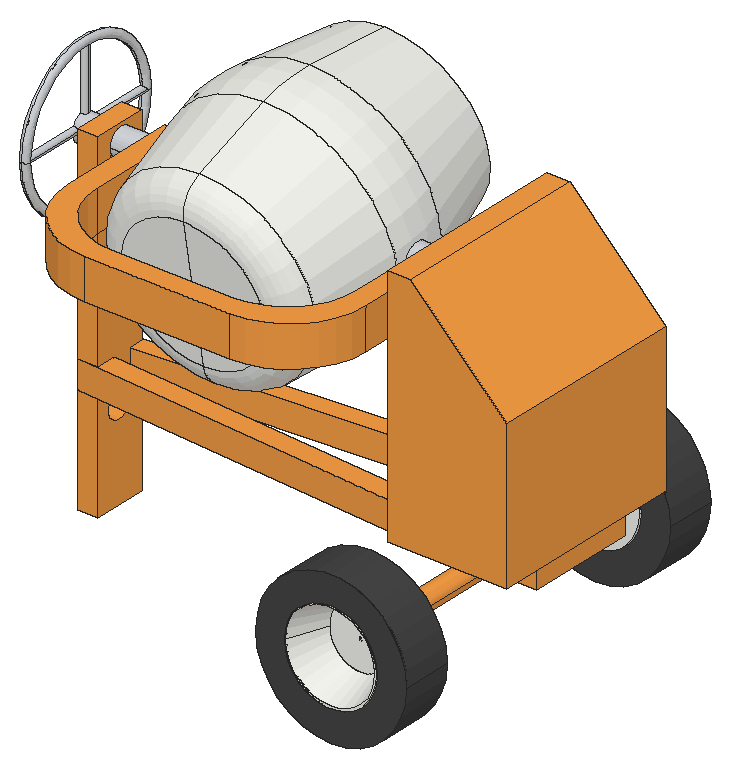
Revit family "Concretadora", category Site, Revit 2012
Parameters
  Cab = Metal - Paint Finish - White, Matte
  Tires = Plastic - Black
  Trailer = Metal - Paint Finish - Orange
Reference planes (m)
  plane 1 "Center (Left/Right)": x = -0.043962
  plane 2: z = 0
  plane 3 "Front": y = -4.223238
  plane 4 "Center (Front/Back)": y = -0.146538
  plane 5 "Back": y = 3.930162
  plane 6: z = 0.241745
  plane 7: z = 0.241745
Forms (m)
  Revolve 1, solid, material "Metal - Paint Finish - White, Matte"
    sketch origin (-0.043962, 1.209849, -1.578982) x (0, -1, 0) y (0, 0, 1)
      loop
        line (-0.888628, 2.717082) -> (-0.90217, 2.719465) -> (-0.949183, 2.452272)
        arc (-0.949183, 2.452272) -> (-0.983925, 2.39206) -> (-1.049246, 2.368278) r 0.1016
        line (-1.049246, 2.368278) -> (-1.359444, 2.368278)
        arc (-1.359444, 2.368278) -> (-1.468563, 2.37984) -> (-1.572836, 2.414013) r 0.5207
        line (-1.572836, 2.414013) -> (-1.877227, 2.550769) -> (-1.872386, 2.561546)
        spline (-1.872386, 2.561546) -> (-1.872016, 2.562799) -> (-1.871993, 2.564111) -> (-1.872318, 2.565392) -> (-1.872969, 2.566556) -> (-1.873902, 2.567522) -> (-1.875053, 2.568226) -> (-1.876343, 2.568619) -> (-1.877685, 2.568674) -> (-1.878988, 2.568389) -> (-1.880162, 2.567781) -> (-1.881127, 2.566892) -> (-1.881818, 2.565784)
        line (-1.881818, 2.565784) -> (-1.889262, 2.549215) -> (-1.572956, 2.407105)
        arc (-1.572956, 2.407105) -> (-1.469954, 2.373349) -> (-1.362166, 2.361928) r 0.51435
        line (-1.362166, 2.361928) -> (-1.047063, 2.361928)
        arc (-1.047063, 2.361928) -> (-0.973576, 2.388682) -> (-0.934492, 2.456421) r 0.1143
        line (-0.934492, 2.456421) -> (-0.888628, 2.717082)
      axis (-0.888628, 2.717082) -> (-1.830564, 2.882818)
    angle from 0 to 360
  Extrusion 2, solid, material "Metal - Paint Finish - Orange"
    sketch origin (5.641513, 1.495539, -0.113903) x (1, 0, 0) y (0, 1, 0)
      loop
        line (-5.938362, 0.416604) -> (-5.401762, 0.416604)
        arc (-5.401762, 0.416604) -> (-5.204196, 0.498439) -> (-5.122362, 0.696004) r 0.2794
        line (-5.122362, 0.696004) -> (-5.122362, 1.1678) -> (-5.202362, 1.1678) -> (-5.202362, 0.750604)
        arc (-5.202362, 0.750604) -> (-5.276756, 0.570999) -> (-5.456362, 0.496604) r 0.254
        line (-5.456362, 0.496604) -> (-5.909162, 0.496604)
        arc (-5.909162, 0.496604) -> (-6.088767, 0.570999) -> (-6.163162, 0.750604) r 0.254
        line (-6.163162, 0.750604) -> (-6.163162, 1.1678) -> (-6.243162, 1.1678) -> (-6.243162, 0.721404)
        arc (-6.243162, 0.721404) -> (-6.153888, 0.505878) -> (-5.938362, 0.416604) r 0.3048
    from 1.2192 to 1.369814
  Sweep 3, solid, material "Metal - Paint Finish - Orange"
    path origin (0.002713, 0, 0) x (1, 0, 0) y (0, 1, 0)
      loop
        line (-0.704362, 2.680404) -> (-0.780562, 2.680404)
    profile origin (-0.739748, 2.680404, 0) x (0, -1, 0) y (0, 0, 1)
      loop
        line (0, 1.263576) -> (0, 0) -> (0.2032, 0) -> (0.2032, 1.263576) -> (0, 1.263576)
      loop
        circle (0.10607, 0.333974) r 0.0508
  Sweep 4, solid, material "Metal - Paint Finish - Orange"
    path origin (1.300745, 0.009729, -0.326401) x (1, 0, 0) y (0, 1, 0)
      loop
        line (-0.704362, 2.680404) -> (-0.780562, 2.680404)
    profile origin (0.558284, 2.690134, -0.326401) x (0, -1, 0) y (0, 0, 1)
      loop
        line (-0.037314, 1.582312) -> (-0.1016, 0.82695) -> (0.1016, 0.82695) -> (0.3048, 0.82695) -> (0.240514, 1.582312) -> (-0.037314, 1.582312)
      loop
        line (0.221839, 0.90315) -> (0.170421, 1.507312) -> (0.032779, 1.507312) -> (-0.018639, 0.90315) -> (0.221839, 0.90315)
  Extrusion 5, solid, material "Metal - Paint Finish - Orange"
    sketch origin (0.002713, 0, 0.3984) x (1, 0, 0) y (0, 1, 0)
      loop
        line (-0.780562, 2.680404) -> (-0.780562, 2.477204) -> (0.517199, 2.385334) -> (0.593399, 2.385334) -> (0.993399, 2.385334) -> (0.993399, 2.791734) -> (0.593399, 2.791734) -> (0.517199, 2.791734) -> (-0.780562, 2.680404)
      loop
        line (0.593399, 2.716734) -> (0.593399, 2.460334) -> (0.918399, 2.460334) -> (0.918399, 2.716734) -> (0.593399, 2.716734)
      loop
        line (-0.704362, 2.624481) -> (-0.704362, 2.55201) -> (0.513399, 2.465803) -> (0.513399, 2.71126) -> (-0.704362, 2.624481)
    from 0 to 0.1016
  Sweep 6, solid, material "Metal - Paint Finish - Orange"
    path origin (-0.096103, 0, 0) x (1, 0, 0) y (0, 1, 0)
      loop
        line (0.692638, 2.578804) -> (1.132638, 2.578804)
    profile origin (0.816536, 2.578804, 0) x (0, 1, 0) y (0, 0, 1)
      loop
        line (-0.384174, 1.4) -> (-0.384174, 0.50033) -> (0.352426, 0.50033) -> (0.352426, 1.4) -> (-0.384174, 1.4)
  Sweep 7, void
    path origin (-0.353639, 0.030457, 0) x (1, 0, 0) y (0, 1, 0)
      loop
        line (1.010138, 2.900773) -> (1.010138, 2.164173)
    profile origin (0.656499, 2.56293, 0) x (1, 0, 0) y (0, 0, 1)
      loop
        line (0.026483, 1.4) -> (0.380037, 1.046447) -> (0.380037, 1.4) -> (0.026483, 1.4)
  Sweep 8, solid, material "Metal - Paint Finish - Orange"
    path origin (0.002294, -0.080418, 0) x (1, 0, 0) y (0, 1, 0)
      loop
        line (0.79957, 2.084978) -> (0.79957, 3.151778)
    profile origin (0.801864, 2.53796, 0) x (-1, 0, 0) y (0, 0, 1)
      loop
        circle (0.145032, 0.288533) r 0.0381
      loop
        circle (0.145032, 0.288533) r 0.03
  Extrusion 9, solid, material "Plastic - Black" <- "Tires"
    sketch origin (-1.058791, 4.132903, -0.215455) x (-1, 0, 0) y (0, 0, -1)
      loop
        circle (-1.718948, -0.499487) r 0.28
      loop
        circle (-1.71542, -0.505894) r 0.17
    from 0.873125 to 1.0571
  Sweep 10, solid, material "Metal - Paint Finish - White, Matte"
    path origin (0.068952, 4.282421, -0.420412) x (1, 0, 0) y (0, 1, 0)
      loop
        line (0.589315, -1.211061) -> (0.589315, -1.061061)
    profile origin (0.658267, 3.14636, -0.420412) x (-1, 0, 0) y (0, 0, 1)
      loop
        circle (0, 0.7093) r 0.17
      loop
        circle (0, 0.7093) r 0.005
  Sweep 11, solid
    path origin (-1.143518, 0.003979, -0.760395) x (1, 0, 0) y (0, 1, 0)
      loop
        line (0.660288, 2.426404) -> (0.305288, 2.426404)
    profile origin (-0.66073, 2.430383, -0.760395) x (0, -1, 0) y (0, 0, 1)
      loop
        circle (-0.15099, 1.964657) r 0.0508
  Revolve 12, solid
    sketch origin (-1.506251, 2.540622, 1.212211) x (0, -1, 0) y (1, 0, 0)
      loop
        circle (-0.322872, 0.671774) r 0.015
      axis (-0.043962, 0.671774) -> (-0.043962, 0.672774)
    angle from 0 to 360
  Extrusion 13, solid
    sketch origin (0.120097, -1.601296, 1.047352) x (1, 0, 0) y (0, 1, 0)
      loop
        circle (-0.95478, 4.185263) r 0.0127
    from -0.112208 to 0.437996
  Extrusion 14, solid
    sketch origin (0.120097, 2.7517, -2.973045) x (1, 0, 0) y (0, 0, 1)
      loop
        circle (-0.95478, 4.185263) r 0.0127
    from -0.109534 to 0.441722
  Sweep 15, solid
    path origin (-0.1038, 0.005442, -0.115821) x (1, 0, 0) y (0, 1, 0)
      loop
        line (0.540238, 2.426404) -> (0.498188, 2.426404)
    profile origin (0.415413, 2.431847, -0.115821) x (0, -1, 0) y (0, 0, 1)
      loop
        circle (-0.15099, 1.319817) r 0.0508
  SweptBlend 16, void
    path origin (-1.660141, 0.407403, 0) x (1, 0, 0) y (0, 1, 0)
      loop
        line (2.325789, 2.813958) -> (2.325789, 2.673958)
    profile origin (0.665648, 3.22136, 0) x (1, 0, 0) y (0, 0, 1)
      loop
        circle (-0.005179, 0.291551) r 0.165
    end profile origin (0.665648, 3.08136, 0) x (1, 0, 0) y (0, 0, 1)
      loop
        circle (-0.004689, 0.292042) r 0.115
  Sweep 17, solid, material "Metal - Paint Finish - White, Matte"
    path origin (1.247581, 0.7935, -0.420412) x (-1, 0, 0) y (0, -1, 0)
      loop
        line (0.589315, -1.211061) -> (0.589315, -1.061061)
    profile origin (0.658267, 1.92956, -0.420412) x (1, 0, 0) y (0, 0, 1)
      loop
        circle (0, 0.7093) r 0.17
      loop
        circle (0, 0.7093) r 0.005
  SweptBlend 18, void
    path origin (2.976674, 4.668518, 0) x (-1, 0, 0) y (0, -1, 0)
      loop
        line (2.325789, 2.813958) -> (2.325789, 2.673958)
    profile origin (0.650885, 1.85456, 0) x (-1, 0, 0) y (0, 0, 1)
      loop
        circle (-0.005179, 0.291551) r 0.165
    end profile origin (0.650885, 1.99456, 0) x (-1, 0, 0) y (0, 0, 1)
      loop
        circle (-0.004689, 0.292042) r 0.115
  Extrusion 19, solid, material "Plastic - Black" <- "Tires"
    sketch origin (-1.058791, 2.91166, -0.215455) x (-1, 0, 0) y (0, 0, -1)
      loop
        circle (-1.718948, -0.499487) r 0.28
      loop
        circle (-1.71542, -0.505894) r 0.17
    from 0.873125 to 1.0571
Cuts and joins
  joined: Extrusion 2, Sweep 3, Sweep 4, Extrusion 5
  Sweep 7 cuts Sweep 6
  joined: Revolve 12, Extrusion 13
  joined: Sweep 11, Extrusion 14
  SweptBlend 16, SweptBlend 18 cuts Sweep 10
  SweptBlend 18 cuts Sweep 17
Dimensions and locks (m)
  aligned and locked: Sweep 10 to SweptBlend 16 sketch curve
  aligned and locked: Sweep 17 to SweptBlend 18 sketch curve
